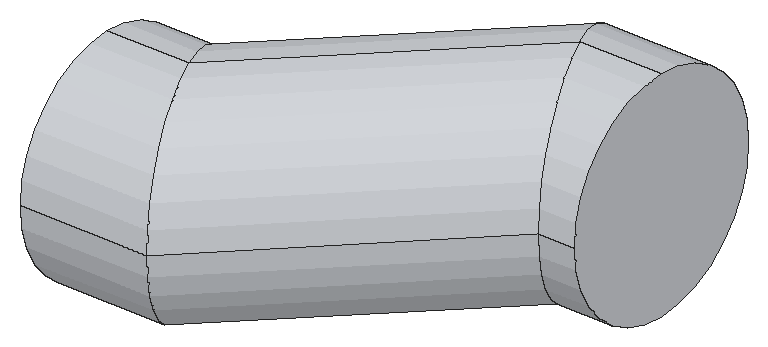
Revit family "M_Round Offset", category Duct Fittings, Revit 2014
Parameters (values of type "Standard")
  Duct Radius [instance] = Duct Diameter / 2  # 150 mm
  Duct Length [instance] = 2 * (L0 + Duct Radius * tan(Angle / 2) + Shoulder)  # 524.264 mm
  L1 [instance] = Duct Length / 2  # 262.132 mm
  L0 [instance] = CC_Offset / 2 / tan(Angle)  # 150 mm
  Duct Diameter [instance] = 300 mm
  Shoulder [instance] = 50 mm
  CC_Offset [instance] = 300 mm
  Angle [instance] = 45.00°
Reference planes
  plane 1 "Center (Front/Back)": y = 0
  plane 2: z = 0
  plane 3 "Center (Left/Right)": x = 0
  plane 4: y = 150
  plane 5: y = -150
  plane 6: x = -150
  plane 7: x = 150
  plane 8: x = -262.132
  plane 9: x = 262.132
Forms (mm)
  Sweep 1, solid, detail levels medium+fine
    path in 3D
      loop
        line (-262.132, -150, 0) -> (-150, -150, 0) -> (150, 150, 0) -> (262.132, 150, 0)
    profile "M_Duct - Round : Duct - Round" origin (-206.066, -150, 0) x (0, 1, 0) y (0, 0, 1)
      loop
        arc (-150, 0) -> (-106.066, -106.066) -> (0, -150) r 150
        arc (0, -150) -> (106.066, -106.066) -> (150, 0) r 150
        arc (150, 0) -> (106.066, 106.066) -> (0, 150) r 150
        arc (0, 150) -> (-106.066, 106.066) -> (-150, 0) r 150
Lines and regions (mm)
  model lines, style "DuctFitting", detail levels coarse
    curve 1: line (-150, -150, 0) -> (150, 150, 0)
    curve 2: line (-262.132, -150, 0) -> (-150, -150, 0)
    curve 3: line (150, 150, 0) -> (262.132, 150, 0)
  sketch lines
    curve 4: line (-262.132, -150, 0) -> (-150, -150, 0)
    curve 5: line (-150, -150, 0) -> (150, 150, 0)
    curve 6: line (150, 150, 0) -> (262.132, 150, 0)
Dimensions and locks
  equal spacing: plane 5, plane 1 "Center (Front/Back)", plane 4
  "L0": plane 6 to plane 3 "Center (Left/Right)"
  "L0": plane 3 "Center (Left/Right)" to plane 7
  "CC_Offset": plane 5 to plane 4
  "Duct Length": plane 8 to plane 9
  equal spacing: plane 8, plane 3 "Center (Left/Right)", plane 9
  "Angle": angle plane 5 to curve 1
  aligned and locked: plane 6 to curve 1
  aligned and locked: plane 8 to curve 2
  aligned and locked: plane 5 to curve 2
  aligned and locked: plane 9 to curve 3
  aligned and locked: plane 7 to curve 3
  aligned and locked: plane 4 to curve 3
Connectors
  hvac at (-262.132, -150, 0), driven by "Duct Radius"
    settings: on Sweep 1, index 1, duct flow 0.0 L/s, flow factor 0, pres drop 0.0 Pa, loss coef 0, conn angle 0.00°, conn width 304.8 mm, conn height 304.8 mm, conn diameter 300 mm, duct sys type 28, conn prof type 0, flow config 0, flow direction 0, loss method 0, conn ref index 2, conn util no, is conn primary yes, conn desc ""
  hvac at (262.132, 150, 0), driven by "Duct Radius"
    settings: on Sweep 1, index 2, duct flow 0.0 L/s, flow factor 0, pres drop 0.0 Pa, loss coef 0, conn angle 0.00°, conn width 304.8 mm, conn height 304.8 mm, conn diameter 300 mm, duct sys type 28, conn prof type 0, flow config 0, flow direction 0, loss method 0, conn ref index 1, conn util no, is conn primary no, conn desc ""
